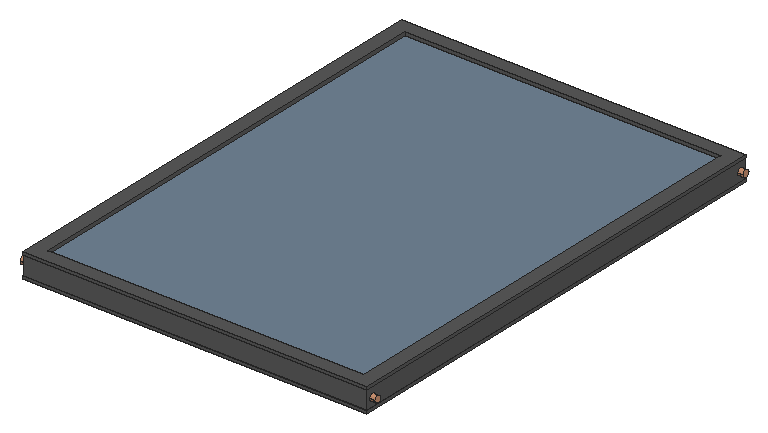
Revit family "HVAC_Solar-Panels_HAJDU_HAJDU-M5-210_", category Specialty Equipment, Revit 2022
Family settings
  Round Connector Dimension = Use Diameter
  Part Type = Normal
  OmniClass Number = 23.33.53.15
  OmniClass Title = Solar Water Heating Collector Units
  Work Plane-Based = Yes
  Always vertical = No
  Cut with Voids When Loaded = No
  Maintain Annotation Orientation = No
  Shared = No
  Room Calculation Point = No
Parameters (values of type "M5-210")
  Üvegfelület (aperture) = "1.96 m2"  # constant formula
  Vízcsatlakozás = 22.00 mm  # constant formula
  Vastagság = 86.00 mm  # constant formula
  URL = "https://hajdurt.hu"
  Tömítés = "EPDM"  # constant formula
  Tömeg = 42.00 kg  # constant formula
  Szélesség = 1230.00 mm  # constant formula
  Szigetelés vastagság = 40.00 mm  # constant formula
  Szigetelés anyaga = "kőzetgyapot"  # constant formula
  Rádiusz = Vízcsatlakozás / 2  # 11.00 mm
  Product Page URL = "https://hajdurt.hu/product/hajdu-m5210/49"
  Optikai hatásfok n0b = 0.795  # constant formula
  Model = "M5-210"
  Maximális muködési nyomás = 1.0 MPa  # constant formula
  Maximális muködési homérséklet = "175.7 °C"  # constant formula
  Maximális hatásfok n0 = 0.78  # constant formula
  Manufacturer = "HAJDU"  # constant formula
  Magasság = 1696.00 mm  # constant formula
  Lefedés = "3.2 mm hőkezelt üveg"  # constant formula
  Házház anyaga = Hajdu - Fém - Fekete
  Hatásfok tényezo a2 = "0.016 W/(m2K)"  # constant formula
  Hatásfok tényezo a1 = "3.75 W/(m2K)"  # constant formula
  Felület = "1.99 m2"  # constant formula
  Emissziós tényezo = "e<0.035"  # constant formula
  Description = "A hajdu síkkollektorok több évtizedes élettartamukkal hosszútávon biztosítják a megfelelő működést. Szélsőséges időjárási körülményeknek is ellenáll az edzett- vagy speciális polimer anyaggal bevont szolár üvegeinek köszönhetően. Túlmelegedésre kevésbé érzékeny technológia, mivel nyáron esténként a vezérlés visszaforgatja a melegvizet, ezáltal visszahűti a rendszert. A kétévenkénti karbantartási igénye jóval kisebb, mint más technológiáknál. Monolit kialakításuk robusztus felépítést biztosít, korrózióvédelmet nyújt, kiküszöböli a hőhidakat valamint letisztult, modern megjelenést ad."  # constant formula
  Default Elevation = 1219.20 mm
  Burkolat (keret/hátlap) = "eloxált alumínium"  # constant formula
  Bruttó felület = "2.09 m2"  # constant formula
  Bevonat = "szelektív "  # constant formula
  Anyaga = "Szelektívbevonatú alumínium lemez 0.5 mm és rézcső D=0,8 mm"  # constant formula
  Abszorbciós tényezo = "a>0.95"  # constant formula
Reference planes
  plane 1 "Center (Front/Back)": y = 0
  plane 2: z = 0
  plane 3 "Center (Left/Right)": x = 0
  plane 4: z = 86
  plane 5: y = 848
  plane 6: y = -848
  plane 7: x = -615
  plane 8: x = 615
  plane 9: z = 86
  plane 10: z = 43
  plane 11: x = 635
  plane 12: x = -635
  plane 13: y = 823
  plane 14: y = -823
  plane 15: y = 823
  plane 16: y = -823
Forms (mm)
  Extrusion 1, solid, material "Hajdu - Fém - Fekete" <- "Házház anyaga", detail levels coarse+medium
    sketch origin (-3060.583, 0, 0) x (1, 0, 0) y (0, 1, 0)
      loop
        line (2445.583, 848) -> (2445.583, -848) -> (3675.583, -848) -> (3675.583, 848) -> (2445.583, 848)
    from 0 to 86
  Extrusion 2, solid, material "Hajdu - Fém - Fekete" <- "Házház anyaga", detail levels fine
    sketch origin (0, 0, 0) x (1, 0, 0) y (0, 1, 0)
      loop
        line (-565, 798) -> (-565, -798) -> (565, -798) -> (565, 798) -> (-565, 798)
    from 0 to 43
  Sweep 3, solid, material "Hajdu - Fém - Fekete" <- "Házház anyaga", detail levels fine
    path origin (0, 0, 0) x (1, 0, 0) y (0, 1, 0)
      loop
        line (-615, 848) -> (-615, -848) -> (615, -848) -> (615, 848) -> (-615, 848)
    profile origin (0, 848, 0) x (0, 1, 0) y (0, 0, 1)
      loop
        line (0, 0) -> (0, 10) -> (-2, 10) -> (-2, 76) -> (0, 76) -> (0, 86) -> (-50, 86) -> (-50, 0) -> (0, 0)
  Extrusion 4, solid, material "Hajdu - Edzett Üveg - Kék", detail levels fine
    sketch origin (-3060.583, 0, 86) x (1, 0, 0) y (0, 1, 0)
      loop
        line (2495.583, 798) -> (2495.583, -798) -> (3625.583, -798) -> (3625.583, 798) -> (2495.583, 798)
    from -43 to -10
  Extrusion 5, solid, material "Hajdu - Fém - Réz", detail levels fine
    sketch origin (0, 0, 0) x (0, 1, 0) y (0, 0, 1)
      loop
        circle (823, 43) r 11
      loop
        circle (-823, 43) r 11
    from 613 to 635
  Extrusion 6, solid, material "Hajdu - Fém - Réz", detail levels fine
    sketch origin (0, 0, 0) x (0, 1, 0) y (0, 0, -1)
      loop
        circle (823, -43) r 11
      loop
        circle (-823, -43) r 11
    from 613 to 635
  Extrusion 7, solid, material "Hajdu - Fém - Réz", detail levels coarse+medium
    sketch origin (0, 0, 0) x (0, 1, 0) y (0, 0, 1)
      loop
        line (834, 54) -> (812, 54) -> (812, 32) -> (834, 32) -> (834, 54)
      loop
        line (-834, 54) -> (-834, 32) -> (-812, 32) -> (-812, 54) -> (-834, 54)
    from 613 to 635
  Extrusion 8, solid, material "Hajdu - Fém - Réz", detail levels coarse+medium
    sketch origin (0, 0, 0) x (0, 1, 0) y (0, 0, -1)
      loop
        line (834, -32) -> (812, -32) -> (812, -54) -> (834, -54) -> (834, -32)
      loop
        line (-834, -32) -> (-834, -54) -> (-812, -54) -> (-812, -32) -> (-834, -32)
    from 613 to 635
  Extrusion 9, void
    sketch origin (0, 0, 0) x (1, 0, 0) y (0, 1, 0)
      loop
        line (-565, 798) -> (-565, -798) -> (565, -798) -> (565, 798) -> (-565, 798)
    from 43 to 86
  Extrusion 10, solid, material "Hajdu - Edzett Üveg - Kék", detail levels coarse+medium
    sketch origin (0, 0, 0) x (1, 0, 0) y (0, 1, 0)
      loop
        line (-565, 798) -> (-565, -798) -> (565, -798) -> (565, 798) -> (-565, 798)
    from 43 to 86
Cuts and joins
  joined: Extrusion 2, Sweep 3
  Extrusion 9 cuts Extrusion 1
Lines and regions (mm)
  Masking region 1
    outline origin (0, 0, 0) x (1, 0, 0) y (0, 1, 0)
      loop
        line (615, 848) -> (-615, 848) -> (-615, 834) -> (-635, 834) -> (-635, 812) -> (-615, 812) -> (-615, -812) -> (-635, -812) -> (-635, -834) -> (-615, -834) -> (-615, -848) -> (615, -848) -> (615, -834) -> (635, -834) -> (635, -812) -> (615, -812) -> (615, 812) -> (635, 812) -> (635, 834) -> (615, 834) -> (615, 848)
  symbolic lines
    curve 1: line (-565, 798, 0) -> (565, 798, 0)
    curve 2: line (-565, -798, 0) -> (-565, 798, 0)
    curve 3: line (565, -798, 0) -> (-565, -798, 0)
    curve 4: line (565, 798, 0) -> (565, -798, 0)
  symbolic lines, detail levels fine
    curve 5: line (615, 834, 0) -> (615, 812, 0)
    curve 6: line (615, -812, 0) -> (615, -834, 0)
    curve 7: line (-615, -812, 0) -> (-615, -834, 0)
    curve 8: line (-615, 834, 0) -> (-615, 812, 0)
Dimensions and locks
  "Vastagság": plane 4 to level
  equal spacing: plane 5, plane 1 "Center (Front/Back)", plane 6
  "Magasság": plane 5 to plane 6
  equal spacing: plane 7, plane 3 "Center (Left/Right)", plane 8
  "Szélesség": plane 7 to plane 8
  plane 7 to Extrusion 2 sketch curve = 50.00 mm
  Extrusion 2 sketch curve to plane 8 = 50.00 mm
  plane 5 to Extrusion 2 sketch curve = 50.00 mm
  Extrusion 2 sketch curve to plane 6 = 50.00 mm
  "Vastagság": plane 9 to level
  locked: plane 9 to Sweep 3 sketch curve at 10
  locked: Sweep 3 sketch curve to profile plane at 10
  locked: profile plane to Sweep 3 sketch curve at 2
  profile plane to Sweep 3 sketch curve = 50.00 mm
  equal spacing: plane 4, plane 10, level
  locked: Extrusion 5 sketch curve to plane 6 at 25
  locked: plane 5 to Extrusion 5 sketch curve at 25
  locked: plane 11 to plane 8 at 20
  locked: plane 12 to plane 7 at 20
  locked: plane 5 to plane 13 at 25
  equal spacing: Extrusion 7 sketch curve, plane 13, Extrusion 7 sketch curve
  equal spacing: Extrusion 7 sketch curve, plane 10, Extrusion 7 sketch curve
  "Rádiusz": Extrusion 7 sketch curve to plane 10
  "Rádiusz": Extrusion 7 sketch curve to plane 13
  equal spacing: Extrusion 7 sketch curve, plane 14, Extrusion 7 sketch curve
  "Rádiusz": Extrusion 7 sketch curve to plane 14
  locked: plane 14 to plane 6 at 25
  locked: plane 5 to Extrusion 6 sketch curve at 25
  locked: Extrusion 6 sketch curve to plane 6 at 25
  equal spacing: Extrusion 8 sketch curve, plane 15, Extrusion 8 sketch curve
  "Rádiusz": Extrusion 8 sketch curve to plane 15
  equal spacing: Extrusion 8 sketch curve, plane 16, Extrusion 8 sketch curve
  "Rádiusz": Extrusion 8 sketch curve to plane 16
  locked: plane 5 to plane 15 at 25
  locked: plane 16 to plane 6 at 25
  equal spacing: Extrusion 8 sketch curve, plane 10, Extrusion 8 sketch curve
  "Rádiusz": Extrusion 8 sketch curve to plane 10
  locked: plane 7 to Extrusion 9 sketch curve at 50
  locked: Extrusion 9 sketch curve to plane 8 at 50
  locked: plane 5 to Extrusion 9 sketch curve at 50
  locked: Extrusion 9 sketch curve to plane 6 at 50
  "Rádiusz": radius of Extrusion 6 sketch curve  (x2)
  "Rádiusz": radius of Extrusion 5 sketch curve  (x2)
  aligned and locked: level to plane 2
  aligned and locked: plane 5 to Extrusion 1
  aligned and locked: Extrusion 1 to plane 6
  aligned and locked: Extrusion 1 to plane 7
  aligned and locked: Extrusion 1 to plane 8
  aligned and locked: plane 4 to Extrusion 1
  aligned and locked: Extrusion 1 to level
  aligned and locked: plane 7 to Sweep 3 sketch curve
  aligned and locked: Sweep 3 sketch curve to plane 5
  aligned and locked: Sweep 3 sketch curve to plane 8
  aligned and locked: plane 6 to Sweep 3 sketch curve
  aligned and locked: plane 9 to Sweep 3 sketch curve
  aligned and locked: plane 10 to Extrusion 2
  aligned and locked: Extrusion 2 to Sweep 3  (x4)
  aligned and locked: Extrusion 2 to level
  aligned and locked: Extrusion 4 sketch curve to cut or joined group of Extrusion 2, Sweep 3  (x3)
  aligned and locked: cut or joined group of Extrusion 2, Sweep 3 to Extrusion 4 sketch curve
  aligned and locked: Extrusion 4 to plane 10
  aligned and locked: Extrusion 4 to cut or joined group of Extrusion 2, Sweep 3
  aligned and locked: plane 10 to Extrusion 5 sketch curve  (x2)
  aligned and locked: plane 11 to Extrusion 5
  aligned and locked: plane 12 to Extrusion 6
  aligned and locked: Extrusion 6 to cut or joined group of Extrusion 2, Sweep 3
  aligned and locked: Extrusion 5 to cut or joined group of Extrusion 2, Sweep 3
  aligned and locked: Extrusion 7 sketch curve to Extrusion 7 sketch curve  (x2)
  aligned and locked: plane 10 to Extrusion 6 sketch curve  (x2)
  aligned and locked: Extrusion 8 sketch curve to Extrusion 8 sketch curve  (x2)
  aligned and locked: plane 11 to Extrusion 7
  aligned and locked: Extrusion 7 to Extrusion 5
  aligned and locked: plane 12 to Extrusion 8
  aligned and locked: Extrusion 8 to cut or joined group of Extrusion 2, Sweep 3
  aligned and locked: Extrusion 9 to plane 10
  aligned and locked: plane 4 to Extrusion 9
  aligned and locked: Extrusion 10 sketch curve to cut or joined group of Extrusion 1, Extrusion 9  (x4)
  aligned and locked: Extrusion 10 to plane 10
  aligned and locked: Extrusion 10 to plane 4
  aligned and locked: Masking region 1 sketch curve to cut or joined group of Extrusion 1, Extrusion 9  (x4)
  aligned and locked: Masking region 1 sketch curve to Extrusion 8  (x3)
  aligned and locked: Extrusion 8 to Masking region 1 sketch curve  (x3)
  aligned and locked: Extrusion 7 to Masking region 1 sketch curve  (x2)
  aligned and locked: Masking region 1 sketch curve to Extrusion 7  (x3)
  aligned and locked: cut or joined group of Extrusion 1, Extrusion 9 to Extrusion 10  (x4)
  aligned and locked: curve 8 to plane 7
  aligned and locked: curve 7 to plane 7
  aligned and locked: Masking region 1 to curve 7
  aligned and locked: curve 7 to Masking region 1
  aligned and locked: curve 8 to Masking region 1
  aligned and locked: Masking region 1 to curve 8
  aligned and locked: curve 5 to plane 8
  aligned and locked: Masking region 1 to curve 5
  aligned and locked: curve 5 to Masking region 1
  aligned and locked: Masking region 1 to curve 6
  aligned and locked: curve 6 to Masking region 1
Automatic sketch dimensions
  Extrusion 1 sketch curve to plane 6 = 0.00 mm
  Extrusion 1 sketch curve to plane 7 = 0.00 mm
  Extrusion 1 sketch curve to plane 8 = 0.00 mm
  Extrusion 1 sketch curve to plane 5 = 0.00 mm
  Masking region 1 sketch curve to plane 7 = 0.00 mm  (x2)
  Masking region 1 sketch curve to plane 8 = 0.00 mm  (x2)
  Masking region 1 sketch curve to plane 11 = 0.00 mm
  curve 6 to plane 8 = 0.00 mm
  plane 7 to curve 3 = 50.00 mm
  curve 1 to plane 8 = 50.00 mm
  plane 6 to curve 3 = 50.00 mm
  curve 1 to plane 5 = 50.00 mm
  Sweep 3 sketch curve to profile plane = 0.00 mm  (x2)
  Sweep 3 sketch curve to level = 0.00 mm
Connectors
  piping at (635, -823, 43), diameter 22, driven by "Vízcsatlakozás"
    settings: on Extrusion 5, index 1, connector inside diameter 609.6 mm, connector length 0.00 mm, flow factor 0, pipe flow 0.0 m³/h, pressure drop 0.0 MPa, fitting loss kfactor 0, connector angle 0.00°, fixture units 0, engagement length 0.00 mm, angle of deflection 0.00°, flow configuration 0, flow direction 1, fitting loss method 0, system type 20, joint type 0, gender type 0, connector reference index -1, connector utility 0, adjustable connector no, is connector primary yes, connector description "Hideg víz bemenet"
  piping at (635, 823, 43), diameter 22, driven by "Vízcsatlakozás"
    settings: on Extrusion 5, index 2, connector inside diameter 609.6 mm, connector length 0.00 mm, flow factor 0, pipe flow 0.0 m³/h, pressure drop 0.0 MPa, fitting loss kfactor 0, connector angle 0.00°, fixture units 0, engagement length 0.00 mm, angle of deflection 0.00°, flow configuration 0, flow direction 1, fitting loss method 0, system type 20, joint type 0, gender type 0, connector reference index -1, connector utility 0, adjustable connector no, is connector primary no, connector description "Hideg víz bemenet"
  piping at (-635, -823, 43), diameter 22, driven by "Vízcsatlakozás"
    settings: on Extrusion 6, index 3, connector inside diameter 609.6 mm, connector length 0.00 mm, flow factor 0, pipe flow 0.0 m³/h, pressure drop 0.0 MPa, fitting loss kfactor 0, connector angle 0.00°, fixture units 0, engagement length 0.00 mm, angle of deflection 0.00°, flow configuration 0, flow direction 2, fitting loss method 0, system type 19, joint type 0, gender type 0, connector reference index -1, connector utility 0, adjustable connector no, is connector primary no, connector description "Meleg víz kimenet"
  piping at (-635, 823, 43), diameter 22, driven by "Vízcsatlakozás"
    settings: on Extrusion 6, index 4, connector inside diameter 609.6 mm, connector length 0.00 mm, flow factor 0, pipe flow 0.0 m³/h, pressure drop 0.0 MPa, fitting loss kfactor 0, connector angle 0.00°, fixture units 0, engagement length 0.00 mm, angle of deflection 0.00°, flow configuration 0, flow direction 2, fitting loss method 0, system type 19, joint type 0, gender type 0, connector reference index -1, connector utility 0, adjustable connector no, is connector primary no, connector description "Meleg víz kimenet"
